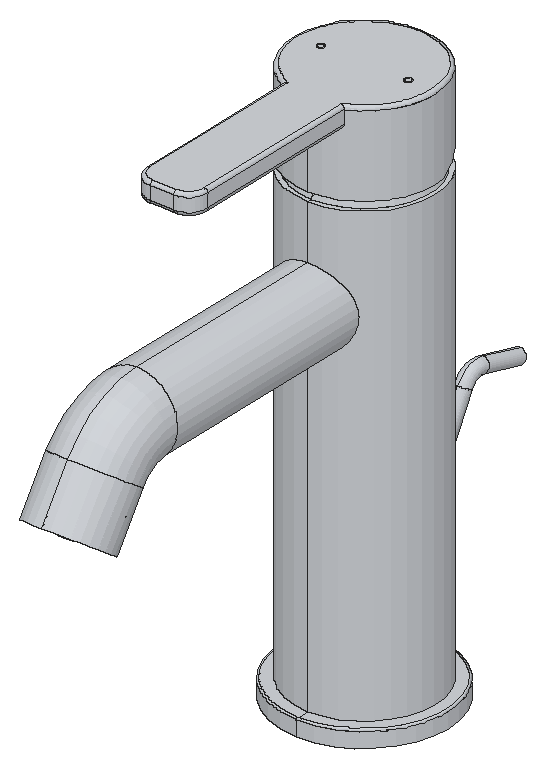
Revit family "Faucet-Lavatory-KOHLER-Atom-K-28825T", category Plumbing Fixtures, host Face, Revit 2021
Family settings
  Host = Face
  Round Connector Dimension = Use Diameter
  Part Type = Normal
  OmniClass Number = 23.31.11.00
  OmniClass Title = Faucets
  Cut with Voids When Loaded = No
  Shared = No
  Room Calculation Point = No
Parameters (values of type "CP-Polished Chrome")
  Width = 1.9685"  # constant formula
  WaterSense Certified = 1 = 0  # no
  Waste Water Outlet = "Waste Water Outlet"  # constant formula
  Waste Connection = 1 = 0  # no
  Vent Connection = 1 = 0  # no
  URL = "http://www.kohler.com.cn/"
  Type = 1
  Spout Reach = Length  # 4.33071"
  Product Page URL = ""
  Product Name = "Atom"  # constant formula
  Product Documentation Link = ""
  Pressure = 0.00 psi
  Model = "K-28825T-4-CP"  # constant formula
  Material = "Premium Metal Construction"  # constant formula
  Master Format 2014 Name = "Residential Faucets, Supplies, and Trim"  # constant formula
  Master Format 2014 = "22 41 39"  # constant formula
  Manufacturer Address = "Kohler Beijing Office (100016) 36-2-03-B, No. 88, Liuxiang Road, Beijing"  # constant formula
  Manufacturer = "Kohler Co."  # constant formula
  Length = 4.33071"  # constant formula
  Hot Water Inlet = "Hot Water Inlet"  # constant formula
  Height = 6.62992"  # constant formula
  Handle Clearance = 2.95276"  # constant formula
  HW Connection = 1 = 1  # yes
  Flow Rate = 2.2 GPM  # constant formula
  Finish = Kohler-Metal-CP-Polished_Chrome
  Environmental Product Declaration = ""
  Drain Included = 1 = 0  # no
  Description = "Single Control Lavatory Faucet With Lever Handle"  # constant formula
  Default Elevation = 36"
  Declare Label = ""
  Date Modified = "12/28/2023"  # constant formula
  Date Created = "12/28/2023"  # constant formula
  Copyright = "Copyright Kohler Co."  # constant formula
  Contact Us = "http://www.kohler.com.cn/contact/contact-us/"
  Cold Water Inlet = "Cold Water Inlet"  # constant formula
  CW Connection = 1 = 1  # yes
  Assembly Code = "D2010"
  ADA Compliant = 1 = 0  # no
Reference planes (in)
  plane 1 "Center (Front/Back)": y = 0
  plane 2: z = 0
  plane 3 "Center (Left/Right)": x = 0
  plane 4: y = 0.98425
  plane 5: x = -0.98425
  plane 6: x = 0.98425
  plane 7: y = -0.98425
  plane 8: y = -2.95276
  plane 9: y = -4.71654
  plane 10: z = 3.55512
  plane 11: z = 6.62992
  plane 12: y = -4.33071
  plane 13: through (0, -2.1777, 6.62994) normal (0, -0.8192, 0.5736)
  plane 14: x = -0.51181
  plane 15: x = 0.51181
  plane 16: x = -0.7874
  plane 17: y = 0.82677
  plane 18: x = 0.7874
  plane 19: y = -0.7874
  plane 20: y = 2.2714
  plane 21: z = 2.79912
  plane 22: through (0, 0.74802, 0) normal (0, 0.5736, 0.8192)
Dimensions and locks (in)
  plane 9 to plane 1 "Center (Front/Back)" = 4.71654"
  plane 14 to plane 15 = 1.02362"
  plane 1 "Center (Front/Back)" to plane 17 = 0.82677"
  plane 16 to plane 14 = 0.27559"
  "Height": plane 11 to level
  "Handle Clearance": plane 1 "Center (Front/Back)" to plane 8
  plane 4 to plane 9 = 5.70079"
  level to plane 10 = 3.55512"
  plane 4 to plane 7 = 1.9685"
  "Length": plane 1 "Center (Front/Back)" to plane 12
  "Width": plane 5 to plane 6
  plane 20 to nested 1 = 2.2714"
  plane 21 to level = 2.79912"
  aligned and locked: plane 2 to host face
  aligned and locked: level to host face
  aligned and locked: plane 1 "Center (Front/Back)" to nested 1
  aligned and locked: plane 3 "Center (Left/Right)" to nested 1
Automatic sketch dimensions
  host sketch curve to host sketch curve = 96"  (x2)
Nested families (in)
  nested 1: "K-28825T" at (0, 0, 0), type "K-28825T"
Connectors (in)
  piping at (-0.51181, 0, 0), diameter 0.5, driven by "Flow Rate", driven by "HW Connection", driven by "Hot Water Inlet"
    settings: on nested 1, index 1, connector inside diameter 24", connector length 0", flow factor 0, pipe flow 2.2 GPM, pressure drop 0.00 psi, fitting loss kfactor 0, connector angle 0.00°, fixture units 0, engagement length 0", angle of deflection 0.00°, flow configuration 1, flow direction 1, fitting loss method 0, system type 19, joint type 0, gender type 0, connector reference index -1, connector utility 1, adjustable connector no, is connector primary yes, connector description "Hot Water Inlet"
  piping at (0.51181, 0, 0), diameter 0.5, driven by "Flow Rate", driven by "CW Connection", driven by "Cold Water Inlet"
    settings: on nested 1, index 2, connector inside diameter 24", connector length 0", flow factor 0, pipe flow 2.2 GPM, pressure drop 0.00 psi, fitting loss kfactor 0, connector angle 0.00°, fixture units 0, engagement length 0", angle of deflection 0.00°, flow configuration 1, flow direction 1, fitting loss method 0, system type 20, joint type 0, gender type 0, connector reference index -1, connector utility 1, adjustable connector no, is connector primary no, connector description "Cold Water Inlet"
Definition of nested family "K-28825T"
  Parameters
    Material = none
    Default Elevation = 0"
  Reference planes (in)
    plane 1 "Center (Front/Back)": y = 0
    plane 2: z = 0
    plane 3 "Center (Left/Right)": x = 0
    plane 4: y = 0.98425
    plane 5: y = -0.98425
    plane 6: z = 6.62992
    plane 7: y = -4.33071
    plane 8: y = -4.71654
    plane 9: x = -0.98425
    plane 10: x = 0.98425
    plane 11: y = -2.95276
    plane 12: z = 3.55512
    plane 13: through (0, -4.33071, 3.55512) normal (0, 0.8192, -0.5736)
    plane 14: x = 0.51181
    plane 15: x = -0.51181
    plane 16: x = -0.7874
    plane 17: x = 0.7874
    plane 18: y = -0.7874
    plane 19: y = 0.7874
    plane 20: y = 2.2714
    plane 21: z = 2.79912
    plane 22: through (0, -4.71654, 3.82632) normal (0, -0.5736, -0.8192)
  Forms (in)
    Revolve 1, solid, material <- "Material", detail levels medium+fine
      sketch origin (0, 0, 0) x (0, 1, 0) y (0, 0, 1)
        loop
          line (0, 0) -> (0.98425, 0) -> (0.98425, 0.17717)
          arc (0.98425, 0.17717) -> (0.97849, 0.19108) -> (0.96457, 0.19685) r 0.01969
          line (0.96457, 0.19685) -> (0.82687, 0.19685) -> (0.82687, 5.53916) -> (0.77186, 5.53916)
          arc (0.77186, 5.53916) -> (0.70542, 5.7435) -> (0.58407, 5.92082) r 0.75436
          line (0.58407, 5.92082) -> (0, 5.92082) -> (0, 0)
        axis (0, 0) -> (0, 5.92082)
      angle from 0 to 360
    Sweep 2, solid, material <- "Material", detail levels medium+fine
      path origin (0, 0, 0) x (1, 0, 0) y (0, 1, 0)
        loop
          line (-0.35433, -0.46431) -> (-0.35433, -2.73621)
          arc (-0.35433, -2.73621) -> (-0.29091, -2.88932) -> (-0.1378, -2.95275) r 0.21654
          line (-0.1378, -2.95275) -> (0.13774, -2.95275)
          arc (0.13774, -2.95275) -> (0.29086, -2.88932) -> (0.35428, -2.73621) r 0.21654
          line (0.35428, -2.73621) -> (0.35428, -0.46436)
      profile origin (-0.00003, -2.95275, 0) x (0, 1, 0) y (0, 0, 1)
        loop
          arc (0, 6.43276) -> (0.01153, 6.40492) -> (0.03937, 6.39339) r 0.03937
          line (0.03937, 6.39339) -> (0.07154, 6.39339) -> (0.07154, 6.62994) -> (0.03937, 6.62994)
          arc (0.03937, 6.62994) -> (0.01153, 6.61841) -> (0, 6.59057) r 0.03937
          line (0, 6.59057) -> (0, 6.43276)
    Revolve 3, solid, material <- "Material", detail levels medium+fine
      sketch origin (0, 0, 0) x (0, 1, 0) y (0, 0, 1)
        loop
          line (0, 5.64536) -> (0, 6.62994) -> (-0.7874, 6.62994)
          arc (-0.7874, 6.62994) -> (-0.81524, 6.61841) -> (-0.82677, 6.59057) r 0.03937
          line (-0.82677, 6.59057) -> (-0.82677, 5.64536) -> (0, 5.64536)
        axis (0, 6.62994) -> (0, 5.64536)
      angle from 0 to 360
    Extrusion 4, void
      sketch origin (0, 0, 0) x (0, 1, 0) y (0, 0, 1)
        loop
          line (0.98812, 5.96475) -> (-0.00947, 5.59583) -> (0.98812, 5.59583) -> (0.98812, 5.96475)
      from -1.0149 to 1.00536
    Extrusion 5, solid, material <- "Material", detail levels medium+fine
      sketch origin (0, 0, 0) x (1, 0, 0) y (0, 1, 0)
        loop
          line (0.28274, -0.46436) -> (-0.2828, -0.46436) -> (-0.2828, -2.73621)
          arc (-0.2828, -2.73621) -> (-0.24033, -2.83874) -> (-0.1378, -2.88121) r 0.145
          line (-0.1378, -2.88121) -> (0.13774, -2.88121)
          arc (0.13774, -2.88121) -> (0.24027, -2.83874) -> (0.28274, -2.73621) r 0.145
          line (0.28274, -2.73621) -> (0.28274, -0.46436)
      from 6.39339 to 6.62994
    Extrusion 6, void
      sketch origin (0, 0, 0) x (1, 0, 0) y (0, 0, 1)
        loop
          circle (0, 6.26388) r 0.14173
      from -0.98812 to -0.64136
    Extrusion 7, solid, detail levels medium+fine
      sketch origin (0, 0, 0) x (1, 0, 0) y (0, 0, 1)
        loop
          circle (0, 6.26388) r 0.1378
      from -0.82703 to -0.64136
    Revolve 8, solid, material <- "Material", detail levels coarse
      sketch origin (0, 0, 0) x (0, 1, 0) y (0, 0, 1)
        loop
          line (0, 0) -> (0.98425, 0) -> (0.98425, 0.19685) -> (0.82687, 0.19685) -> (0.82687, 5.53916) -> (0.58407, 5.92082) -> (0, 5.92082) -> (0, 0)
        axis (0, 0) -> (0, 5.92082)
      angle from 0 to 360
    Revolve 9, solid, material <- "Material", detail levels coarse
      sketch origin (0, 0, 0) x (0, 1, 0) y (0, 0, 1)
        loop
          line (0, 5.64536) -> (0, 6.62994) -> (-0.7874, 6.62994)
          arc (-0.7874, 6.62994) -> (-0.81524, 6.61841) -> (-0.82677, 6.59057) r 0.03937
          line (-0.82677, 6.59057) -> (-0.82677, 5.64536) -> (0, 5.64536)
        axis (0, 6.62994) -> (0, 5.64536)
      angle from 0 to 360
    Extrusion 10, solid, material <- "Material", detail levels coarse
      sketch origin (0, 0, 0) x (1, 0, 0) y (0, 1, 0)
        loop
          line (-0.35433, -0.46436) -> (-0.35433, -2.73621)
          arc (-0.35433, -2.73621) -> (-0.29091, -2.88932) -> (-0.1378, -2.95275) r 0.21654
          line (-0.1378, -2.95275) -> (0.13774, -2.95275)
          arc (0.13774, -2.95275) -> (0.29086, -2.88932) -> (0.35428, -2.73621) r 0.21654
          line (0.35428, -2.73621) -> (0.35428, -0.46436) -> (-0.35433, -0.46436)
      from 6.39339 to 6.62994
    Sweep 11, solid, material <- "Material", detail levels medium+fine
      path origin (0, 0, 0) x (0, 1, 0) y (0, 0, 1)
        loop
          line (-4.33139, 3.55415) -> (-3.94567, 4.10503)
          arc (-3.94567, 4.10503) -> (-3.67372, 4.34352) -> (-3.32238, 4.42949) r 0.7609
          line (-3.32238, 4.42949) -> (-0.18232, 4.42949)
      profile origin (0, -1.75235, 4.42949) x (0, 0, 1) y (1, 0, 0)
        loop
          circle (0, 0) r 0.47244
    Sweep 12, void
      path origin (0, 0, 0) x (0, 1, 0) y (0, 0, 1)
        loop
          line (-4.3973, 3.46003) -> (-4.11658, 3.86094)
      profile origin (0, -4.25694, 3.66048) x (0, -0.819152, 0.573576) y (1, 0, 0)
        loop
          circle (0, 0) r 0.43307
    Revolve 13, solid, detail levels medium+fine
      sketch origin (0, 0, 0) x (0, 1, 0) y (0, 0, 1)
        loop
          line (-4.338, 3.54472) -> (-4.11658, 3.86094) -> (-4.47133, 4.10934) -> (-4.58424, 3.94809) -> (-4.47639, 3.87257) -> (-4.54101, 3.75262) -> (-4.50996, 3.73088)
          arc (-4.50996, 3.73088) -> (-4.43501, 3.62761) -> (-4.338, 3.54472) r 0.54215
        axis (-4.11658, 3.86094) -> (-4.338, 3.54472)
      angle from 0 to 360
    Extrusion 14, void
      sketch origin (0, 0, 0) x (0, 1, 0) y (0, 0, 1)
        loop
          line (-4.41231, 3.52874) -> (-4.32874, 3.47023) -> (-4.20965, 3.64032) -> (-4.29321, 3.69883) -> (-4.41231, 3.52874)
      from -0.34375 to 0.31622
    Sweep 15, solid, material <- "Material", detail levels coarse
      path origin (0, 0, 0) x (0, 1, 0) y (0, 0, 1)
        loop
          line (-4.33139, 3.55415) -> (-3.94567, 4.10503)
          arc (-3.94567, 4.10503) -> (-3.67372, 4.34352) -> (-3.32238, 4.42949) r 0.7609
          line (-3.32238, 4.42949) -> (-0.18232, 4.42949)
      profile origin (0, -1.75235, 4.42949) x (0, 0, 1) y (1, 0, 0)
        loop
          circle (0, 0) r 0.47244
    Extrusion 16, void
      sketch origin (0, 0, 0) x (1, 0, 0) y (0, 1, 0)
        loop
          circle (-0.51181, 0) r 0.03937
      from 6.53296 to 6.66894
    Extrusion 17, void
      sketch origin (0, 0, 0) x (-1, 0, 0) y (0, -1, 0)
        loop
          circle (-0.51181, 0) r 0.03937
      from 6.53296 to 6.66894
    Extrusion 18, solid
      sketch origin (0, 0, 0) x (1, 0, 0) y (0, 1, 0)
        loop
          circle (-0.51181, 0) r 0.03937
      from 6.53296 to 6.62994
    Extrusion 19, solid
      sketch origin (0, 0, 0) x (-1, 0, 0) y (0, -1, 0)
        loop
          circle (-0.51181, 0) r 0.03937
      from 6.53296 to 6.62994
    Extrusion 20, solid, material <- "Material"
      sketch origin (0, 0, 0) x (1, 0, 0) y (0, 1, 0)
        loop
          circle (-0.51181, 0) r 0.11811
      from 0 to 0.19685
    Extrusion 21, solid, material <- "Material"
      sketch origin (0, 0, 0) x (1, 0, 0) y (0, 1, 0)
        loop
          circle (0.51181, 0) r 0.11811
      from 0 to 0.19685
    Sweep 22, solid, material <- "Material"
      path origin (0, 0, 0) x (0, 1, 0) y (0, 0, 1)
        loop
          line (2.25263, 2.56967) -> (1.71186, 2.71457)
          arc (1.71186, 2.71457) -> (1.55842, 2.70384) -> (1.44411, 2.60092) r 0.23622
          line (1.44411, 2.60092) -> (0.63769, 1.1461)
      profile origin (0, 2.25263, 2.56967) x (0, -0.258819, -0.965926) y (1, 0, 0)
        loop
          circle (0, 0) r 0.0845
    Revolve 23, void
      sketch origin (0, 0, 0) x (0, 1, 0) y (0, 0, 1)
        loop
          line (0.62811, 1.15163) -> (1.12023, 2.00402) -> (1.02221, 2.06061) -> (0.53009, 1.20822) -> (0.62811, 1.15163)
        axis (1.12023, 2.00402) -> (0.62811, 1.15163)
      angle from 0 to 360
  Cuts and joins
    Extrusion 4, Extrusion 6, Extrusion 16, Extrusion 17 cuts Revolve 3
    joined: Sweep 2, Revolve 3, Extrusion 5
    Sweep 12 cuts Sweep 11
    Extrusion 14 cuts Revolve 13
    Extrusion 16, Extrusion 17 cuts Revolve 9
    joined: Revolve 9, Extrusion 10
    Revolve 23 cuts Revolve 8
    Revolve 23 cuts Revolve 1
  Lines and regions (in)
    Masking region 1
      outline origin (0, 0, 0) x (1, 0, 0) y (0, 1, 0)
        loop
          arc (-0.98425, 0) -> (-0.8471, -0.50179) -> (-0.47244, -0.86269) r 0.97995
          line (-0.47244, -0.86269) -> (-0.47244, -4.33066)
          arc (-0.47244, -4.33066) -> (-0.45728, -4.43034) -> (-0.41315, -4.52101) r 0.33515
          arc (-0.41315, -4.52101) -> (-0.33562, -4.60507) -> (-0.23776, -4.66424) r 0.40693
          arc (-0.23776, -4.66424) -> (-0.12133, -4.7015) -> (0, -4.71654) r 0.65683
          arc (0, -4.71654) -> (0.12133, -4.7015) -> (0.23776, -4.66424) r 0.65683
          arc (0.23776, -4.66424) -> (0.33562, -4.60507) -> (0.41315, -4.52101) r 0.40693
          arc (0.41315, -4.52101) -> (0.45728, -4.43034) -> (0.47244, -4.33066) r 0.33515
          line (0.47244, -4.33066) -> (0.47244, -0.86269)
          arc (0.47244, -0.86269) -> (0.8471, -0.50179) -> (0.98425, 0) r 0.97995
          arc (0.98425, 0) -> (0.72525, 0.66541) -> (0.08454, 0.98061) r 0.98425
          line (0.08454, 0.98061) -> (0.08454, 2.24737)
          spline (0.08454, 2.24737) -> (0.08415, 2.24962) -> (0.08296, 2.25185) -> (0.08099, 2.25404) -> (0.07826, 2.25616) -> (0.0748, 2.25821) -> (0.07064, 2.26015) -> (0.06581, 2.26197) -> (0.06036, 2.26365) -> (0.05435, 2.26518) -> (0.04783, 2.26654) -> (0.04086, 2.26772) -> (0.0335, 2.26871)
          arc (0.0335, 2.26871) -> (0.01678, 2.27037) -> (0, 2.2714) r 0.44329
          arc (0, 2.2714) -> (-0.01699, 2.27035) -> (-0.03392, 2.26863) r 0.4323
          spline (-0.03392, 2.26863) -> (-0.04118, 2.26763) -> (-0.04806, 2.26644) -> (-0.0545, 2.26507) -> (-0.06043, 2.26355) -> (-0.06579, 2.26187) -> (-0.07055, 2.26006) -> (-0.07465, 2.25813) -> (-0.07806, 2.2561) -> (-0.08075, 2.25399) -> (-0.08268, 2.25182) -> (-0.08385, 2.2496) -> (-0.08424, 2.24737)
          line (-0.08424, 2.24737) -> (-0.08424, 0.98064)
          arc (-0.08424, 0.98064) -> (-0.72514, 0.66552) -> (-0.98425, 0) r 0.98425
    Masking region 2
      outline origin (0, 0, 0) x (1, 0, 0) y (0, 0, 1)
        loop
          line (-0.7874, 6.59055) -> (-0.7874, 5.6457) -> (-0.7314, 5.6457)
          arc (-0.7314, 5.6457) -> (-0.74734, 5.59322) -> (-0.75653, 5.53914) r 0.43336
          line (-0.75653, 5.53914) -> (-0.7874, 5.53914) -> (-0.7874, 0.19688) -> (-0.96457, 0.19688)
          arc (-0.96457, 0.19688) -> (-0.97849, 0.19111) -> (-0.98425, 0.17719) r 0.01969
          line (-0.98425, 0.17719) -> (-0.98425, 0) -> (0, 0) -> (0.98425, 0) -> (0.98425, 0.17719)
          arc (0.98425, 0.17719) -> (0.97849, 0.19111) -> (0.96457, 0.19688) r 0.01969
          line (0.96457, 0.19688) -> (0.7874, 0.19688) -> (0.7874, 5.53914) -> (0.75653, 5.53914)
          arc (0.75653, 5.53914) -> (0.74734, 5.59322) -> (0.7314, 5.6457) r 0.43336
          line (0.7314, 5.6457) -> (0.7874, 5.6457) -> (0.7874, 6.59055)
          arc (0.7874, 6.59055) -> (0.77587, 6.61839) -> (0.74803, 6.62992) r 0.03937
          line (0.74803, 6.62992) -> (0, 6.62992) -> (-0.74803, 6.62992)
          arc (-0.74803, 6.62992) -> (-0.77587, 6.61839) -> (-0.7874, 6.59055) r 0.03937
    Masking region 3
      outline origin (0, 0, 0) x (0, 1, 0) y (0, 0, 1)
        loop
          arc (0.7874, 6.59055) -> (0.77587, 6.61839) -> (0.74803, 6.62992) r 0.03937
          line (0.74803, 6.62992) -> (-2.91339, 6.62992)
          arc (-2.91339, 6.62992) -> (-2.94122, 6.61839) -> (-2.95276, 6.59055) r 0.03937
          line (-2.95276, 6.59055) -> (-2.95276, 6.43321)
          arc (-2.95276, 6.43321) -> (-2.94122, 6.40537) -> (-2.91339, 6.39384) r 0.03937
          line (-2.91339, 6.39384) -> (-0.86614, 6.39384)
          arc (-0.86614, 6.39384) -> (-0.81046, 6.37078) -> (-0.7874, 6.3151) r 0.07874
          line (-0.7874, 6.3151) -> (-0.7874, 5.64542) -> (-0.7299, 5.64542)
          arc (-0.7299, 5.64542) -> (-0.74428, 5.59249) -> (-0.75655, 5.53903) r 1.38621
          line (-0.75655, 5.53903) -> (-0.7874, 5.53903) -> (-0.7874, 4.94864)
          arc (-0.7874, 4.94864) -> (-0.79893, 4.92081) -> (-0.82677, 4.90927) r 0.03937
          line (-0.82677, 4.90927) -> (-3.20361, 4.90927)
          arc (-3.20361, 4.90927) -> (-3.87298, 4.74548) -> (-4.39108, 4.29112) r 1.44963
          line (-4.39108, 4.29112) -> (-4.71654, 3.82632) -> (-3.94334, 3.28492) -> (-3.60574, 3.76706)
          arc (-3.60574, 3.76706) -> (-3.43995, 3.91246) -> (-3.22575, 3.96487) r 0.46388
          line (-3.22575, 3.96487) -> (-0.82677, 3.96487)
          arc (-0.82677, 3.96487) -> (-0.79893, 3.95334) -> (-0.7874, 3.9255) r 0.03937
          line (-0.7874, 3.9255) -> (-0.7874, 0.19685) -> (-0.96457, 0.19685)
          arc (-0.96457, 0.19685) -> (-0.97849, 0.19108) -> (-0.98425, 0.17717) r 0.01969
          line (-0.98425, 0.17717) -> (-0.98425, 0) -> (0, 0) -> (0.98425, 0) -> (0.98425, 0.17717)
          arc (0.98425, 0.17717) -> (0.97849, 0.19108) -> (0.96457, 0.19685) r 0.01969
          line (0.96457, 0.19685) -> (0.7874, 0.19685) -> (0.7874, 1.25207) -> (1.49601, 2.53043)
          arc (1.49601, 2.53043) -> (1.59126, 2.6162) -> (1.71912, 2.62514) r 0.19685
          line (1.71912, 2.62514) -> (2.19892, 2.49658) -> (2.23387, 2.49964) -> (2.2714, 2.6397) -> (2.24266, 2.65982) -> (1.76782, 2.78705)
          arc (1.76782, 2.78705) -> (1.54052, 2.77215) -> (1.36926, 2.62196) r 0.35433
          line (1.36926, 2.62196) -> (0.7874, 1.61415) -> (0.7874, 5.53917) -> (0.75665, 5.53917)
          arc (0.75665, 5.53917) -> (0.71167, 5.69256) -> (0.63735, 5.83408) r 0.80761
          line (0.63735, 5.83408) -> (0.7874, 5.88869) -> (0.7874, 6.59055)
    symbolic lines, detail levels medium+fine
      curve 1: arc (0, 0.82626, 0) -> (-0.03711, 0.82539, 0) -> (-0.07414, 0.82285, 0) r 0.82668
      curve 2: line (-0.47244, -0.86269, 0) -> (-0.47244, -0.70151, 0)
      curve 3: arc (-0.49089, -0.6649, 0) -> (-0.47732, -0.68101, 0) -> (-0.47244, -0.70151, 0) r 0.04554
      curve 4: arc (-0.47244, -0.83704, 0) -> (-0.93205, 0.24725, 0) -> (0, 0.96712, 0) r 0.96409
      curve 5: line (-0.07414, 0.82285, 0) -> (-0.12447, 0.82285, 0)
      curve 6: arc (-0.12447, 0.82285, 0) -> (-0.13974, 0.82, 0) -> (-0.15294, 0.81182, 0) r 0.04225
      curve 7: line (-0.35437, -0.79504, 0) -> (-0.35437, -2.73622, 0)
      curve 8: line (-0.13783, -2.95276, 0) -> (0, -2.95276, 0)
      curve 9: arc (-0.35437, -2.73622, 0) -> (-0.29095, -2.88933, 0) -> (-0.13783, -2.95276, 0) r 0.21654
      curve 10: arc (-0.39536, -0.72593, 0) -> (-0.36539, -0.75486, 0) -> (-0.35437, -0.79504, 0) r 0.07874
      curve 11: arc (0, 0.78781, 0) -> (-0.76253, 0.19411, 0) -> (-0.37663, -0.6919, 0) r 0.7881
      curve 12: line (-0.31515, -0.79555, 0) -> (-0.31515, -2.736, 0)
      curve 13: line (-0.13799, -2.91317, 0) -> (0, -2.91317, 0)
      curve 14: arc (-0.31515, -2.736, 0) -> (-0.26326, -2.86128, 0) -> (-0.13799, -2.91317, 0) r 0.17717
      curve 15: arc (-0.37663, -0.6919, 0) -> (-0.33168, -0.7353, 0) -> (-0.31515, -0.79555, 0) r 0.11811
      curve 16: circle (-0.51181, 0, 0) r 0.03937 normal (0, 0, 1)
      curve 17: line (-0.47244, -3.21903, 0) -> (0, -3.21903, 0)
      curve 18: arc (0, -4.37926, 0) -> (-0.22601, -4.33153, 0) -> (-0.40785, -4.18908, 0) r 0.51056
      curve 19: arc (-0.40785, -4.18908, 0) -> (-0.45116, -4.11627, 0) -> (-0.47244, -4.03426, 0) r 0.30058
      curve 20: arc (0, 0.82626, 0) -> (0.03711, 0.82539, 0) -> (0.07414, 0.82285, 0) r 0.82668
      curve 21: line (0.47244, -0.86269, 0) -> (0.47244, -0.70151, 0)
      curve 22: arc (0.49089, -0.6649, 0) -> (0.47732, -0.68101, 0) -> (0.47244, -0.70151, 0) r 0.04554
      curve 23: arc (0.47244, -0.83704, 0) -> (0.93205, 0.24725, 0) -> (0, 0.96712, 0) r 0.96409
      curve 24: line (0.07414, 0.82285, 0) -> (0.12447, 0.82285, 0)
      curve 25: arc (0.12447, 0.82285, 0) -> (0.13974, 0.82, 0) -> (0.15294, 0.81182, 0) r 0.04225
      curve 26: line (0.35437, -0.79504, 0) -> (0.35437, -2.73622, 0)
      curve 27: line (0.13783, -2.95276, 0) -> (0, -2.95276, 0)
      curve 28: arc (0.35437, -2.73622, 0) -> (0.29095, -2.88933, 0) -> (0.13783, -2.95276, 0) r 0.21654
      curve 29: arc (0.39536, -0.72593, 0) -> (0.36539, -0.75486, 0) -> (0.35437, -0.79504, 0) r 0.07874
      curve 30: arc (0, 0.78781, 0) -> (0.76253, 0.19411, 0) -> (0.37663, -0.6919, 0) r 0.7881
      curve 31: line (0.31515, -0.79555, 0) -> (0.31515, -2.736, 0)
      curve 32: line (0.13799, -2.91317, 0) -> (0, -2.91317, 0)
      curve 33: arc (0.31515, -2.736, 0) -> (0.26326, -2.86128, 0) -> (0.13799, -2.91317, 0) r 0.17717
      curve 34: arc (0.37663, -0.6919, 0) -> (0.33168, -0.7353, 0) -> (0.31515, -0.79555, 0) r 0.11811
      curve 35: circle (0.51181, 0, 0) r 0.03937 normal (0, 0, -1)
      curve 36: line (0.47244, -3.21903, 0) -> (0, -3.21903, 0)
      curve 37: arc (0, -4.37926, 0) -> (0.22601, -4.33153, 0) -> (0.40785, -4.18908, 0) r 0.51056
      curve 38: arc (0.40785, -4.18908, 0) -> (0.45116, -4.11627, 0) -> (0.47244, -4.03426, 0) r 0.30058
      curve 39: line (-0.98425, 0, 0.17719) -> (0, 0, 0.17719)
      curve 40: line (-0.7874, 0, 0.19688) -> (0, 0, 0.19688)
      curve 41: line (-0.75653, 0, 5.53914) -> (0, 0, 5.53914)
      curve 42: line (-0.745, 0, 5.6457) -> (0, 0, 5.6457)
      curve 43: line (-0.7874, 0, 6.59055) -> (0, 0, 6.59055)
      curve 44: arc (-0.35439, 0, 6.59055) -> (-0.34286, 0, 6.61839) -> (-0.31502, 0, 6.62992) r 0.03937
      curve 45: line (-0.35439, 0, 6.59055) -> (-0.35439, 0, 6.43307)
      curve 46: line (0, 0, 6.3937) -> (-0.31502, 0, 6.3937)
      curve 47: arc (-0.35439, 0, 6.43307) -> (-0.34286, 0, 6.40523) -> (-0.31502, 0, 6.3937) r 0.03937
      curve 48: line (-0.35439, 0, 6.43307) -> (0, 0, 6.43307)
      curve 49: line (-0.13955, 0, 6.62992) -> (-0.13955, 0, 6.3937)
      curve 50: line (0.98425, 0, 0.17719) -> (0, 0, 0.17719)
      curve 51: line (0.7874, 0, 0.19688) -> (0, 0, 0.19688)
      curve 52: line (0.75653, 0, 5.53914) -> (0, 0, 5.53914)
      curve 53: line (0.745, 0, 5.6457) -> (0, 0, 5.6457)
      curve 54: line (0.7874, 0, 6.59055) -> (0, 0, 6.59055)
      curve 55: arc (0.35439, 0, 6.59055) -> (0.34286, 0, 6.61839) -> (0.31502, 0, 6.62992) r 0.03937
      curve 56: line (0.35439, 0, 6.59055) -> (0.35439, 0, 6.43307)
      curve 57: line (0, 0, 6.3937) -> (0.31502, 0, 6.3937)
      curve 58: arc (0.35439, 0, 6.43307) -> (0.34286, 0, 6.40523) -> (0.31502, 0, 6.3937) r 0.03937
      curve 59: line (0.35439, 0, 6.43307) -> (0, 0, 6.43307)
      curve 60: line (0.13955, 0, 6.62992) -> (0.13955, 0, 6.3937)
      curve 61: arc (0, 0.7874, 6.39556) -> (0, 0.77308, 6.26488) -> (0, 0.7874, 6.13421) r 0.60334
      curve 62: line (0, 0.11901, 5.64542) -> (0, -0.7299, 5.64542)
      curve 63: line (0, 0.7874, 0.19685) -> (0, 0, 0.19685)
      curve 64: line (0, 0.98425, 0.17717) -> (0, 0, 0.17717)
      curve 65: line (0, -0.7874, 0.19685) -> (0, 0, 0.19685)
      curve 66: line (0, -0.98425, 0.17717) -> (0, 0, 0.17717)
      curve 67: arc (0, -0.7874, 4.94864) -> (0, -0.60509, 4.43706) -> (0, -0.78745, 3.9255) r 0.80882
      curve 68: arc (0, -0.82677, 4.90927) -> (0, -0.66485, 4.43706) -> (0, -0.82682, 3.96487) r 0.76941
      curve 69: line (0, 0.75665, 5.53917) -> (0, -0.75655, 5.53903)
      curve 70: line (0, 0.7874, 6.59055) -> (0, -2.95287, 6.59055)
      curve 71: line (0, -2.95287, 6.43321) -> (0, -0.72325, 6.43321)
      curve 72: arc (0, -0.69569, 6.62992) -> (0, -0.71581, 6.61468) -> (0, -0.72325, 6.59055) r 0.04115
      curve 73: line (0, -0.72325, 6.59055) -> (0, -0.72325, 6.43321)
      curve 74: arc (0, -0.72325, 6.43321) -> (0, -0.72861, 6.38593) -> (0, -0.74442, 6.34106) r 0.21119
      curve 75: line (0, -0.79522, 6.59055) -> (0, -0.79522, 6.43986)
      curve 76: line (0, -0.79522, 6.59055) -> (0, -0.79522, 6.62992)
      curve 77: line (0, -2.73332, 6.62992) -> (0, -2.73332, 6.39384)
      curve 78: line (0, -4.39108, 4.29112) -> (0, -3.61788, 3.74972)
      curve 79: line (0, -3.20361, 4.90927) -> (0, -3.20361, 3.96487)
      curve 80: line (0, 0.64943, 5.83848) -> (0, 0.11901, 5.64542)
      curve 81: arc (-0.07414, 0.82285, 0) -> (-0.11367, 0.81829, 0) -> (-0.15294, 0.81182, 0) r 0.82668
      curve 82: arc (0.07414, 0.82285, 0) -> (0.11367, 0.81829, 0) -> (0.15294, 0.81182, 0) r 0.82668
      curve 83: arc (0.15294, 0.81182, 0) -> (0.8157, 0.12832, 0) -> (0.39536, -0.72593, 0) r 0.82668
      curve 84: arc (-0.15294, 0.81182, 0) -> (-0.8157, 0.12832, 0) -> (-0.39536, -0.72593, 0) r 0.82668
      curve 85: arc (0, 0.7874, 1.61415) -> (0, 0.77606, 1.43311) -> (0, 0.7874, 1.25207) r 1.45041
      curve 86: line (0, 2.24266, 2.65982) -> (0, 2.19892, 2.49658)
      curve 87: arc (-0.08424, 0.98064, 0) -> (0.00015, 0.98425, 0) -> (0.08454, 0.98061, 0) r 0.98425
      curve 88: arc (-0.08424, 2.23988, 0) -> (0.00053, 2.26291, 0) -> (0.0853, 2.23988, 0) r 0.16751
      curve 89: arc (-0.00017, 0, 4.90656) -> (-0.33986, 0, 4.75319) -> (-0.47161, 0, 4.40455) r 0.48697
      curve 90: line (-0.47161, 0, 4.40455) -> (-0.47161, 0, 3.554)
      curve 91: arc (-0.47161, 0, 3.554) -> (-0.45928, 0, 3.49077) -> (-0.4241, 0, 3.43681) r 0.16829
      curve 92: arc (-0.4241, 0, 3.43681) -> (-0.31928, 0, 3.35589) -> (-0.19589, 0, 3.30786) r 0.46424
      curve 93: arc (-0.19589, 0, 3.30786) -> (-0.09867, 0, 3.29102) -> (-0.00017, 0, 3.28525) r 0.87324
      curve 94: arc (-0.47161, 0, 3.554) -> (-0.45928, 0, 3.61723) -> (-0.4241, 0, 3.67119) r 0.16829
      curve 95: arc (-0.4241, 0, 3.67119) -> (-0.31928, 0, 3.7521) -> (-0.19589, 0, 3.80013) r 0.46424
      curve 96: arc (-0.19589, 0, 3.80013) -> (-0.09867, 0, 3.81698) -> (-0.00017, 0, 3.82275) r 0.87324
      curve 97: spline (-0.00017, 0, 3.8032) -> (-0.02699, 0, 3.80272) -> (-0.0537, 0, 3.80128) -> (-0.08021, 0, 3.7989) -> (-0.10641, 0, 3.79557) -> (-0.1322, 0, 3.79131) -> (-0.15748, 0, 3.78613) -> (-0.18215, 0, 3.78006) -> (-0.20612, 0, 3.77313) -> (-0.22929, 0, 3.76535) -> (-0.25158, 0, 3.75676) -> (-0.2729, 0, 3.74738) -> (-0.29316, 0, 3.73727)
      curve 98: spline (-0.00018, 0, 3.76378) -> (-0.00616, 0, 3.76374) -> (-0.01213, 0, 3.76363) -> (-0.01811, 0, 3.76344) -> (-0.02407, 0, 3.76318) -> (-0.03002, 0, 3.76284) -> (-0.03596, 0, 3.76243) -> (-0.04189, 0, 3.76194) -> (-0.04779, 0, 3.76138) -> (-0.05367, 0, 3.76075) -> (-0.05953, 0, 3.76004) -> (-0.06537, 0, 3.75926) -> (-0.07117, 0, 3.75841)
      curve 99: line (0.00085, 0, 3.6198) -> (-0.28096, 0, 3.6198)
      curve 100: spline (-0.28096, 0, 3.6198) -> (-0.28145, 0, 3.61775) -> (-0.28188, 0, 3.61571) -> (-0.28228, 0, 3.61366) -> (-0.28264, 0, 3.61161) -> (-0.28295, 0, 3.60955) -> (-0.28322, 0, 3.6075) -> (-0.28345, 0, 3.60544) -> (-0.28363, 0, 3.60338) -> (-0.28378, 0, 3.60132) -> (-0.28388, 0, 3.59926) -> (-0.28393, 0, 3.59719) -> (-0.28395, 0, 3.59513)
      curve 101: line (-0.27558, 0, 3.55486) -> (0.00085, 0, 3.55486)
      curve 102: spline (-0.27558, 0, 3.55486) -> (-0.27448, 0, 3.5523) -> (-0.2733, 0, 3.54976) -> (-0.27206, 0, 3.54722) -> (-0.27076, 0, 3.5447) -> (-0.26938, 0, 3.54219) -> (-0.26794, 0, 3.53969) -> (-0.26644, 0, 3.53721) -> (-0.26487, 0, 3.53474) -> (-0.26323, 0, 3.53229) -> (-0.26153, 0, 3.52985) -> (-0.25977, 0, 3.52743) -> (-0.25794, 0, 3.52502)
      curve 103: line (-0.28395, 0, 3.59513) -> (-0.29457, 0, 3.65621)
      curve 104: arc (-0.29457, 0, 3.65621) -> (-0.29777, 0, 3.69681) -> (-0.29316, 0, 3.73727) r 0.21257
      curve 105: spline (-0.29316, 0, 3.73727) -> (-0.35025, 0, 3.70022) -> (-0.39343, 0, 3.65739) -> (-0.42099, 0, 3.61048) -> (-0.43182, 0, 3.56137) -> (-0.42551, 0, 3.51199) -> (-0.4023, 0, 3.46432) -> (-0.36311, 0, 3.42024) -> (-0.30951, 0, 3.3815) -> (-0.24361, 0, 3.34965) -> (-0.16804, 0, 3.32596) -> (-0.08581, 0, 3.31135) -> (-0.00017, 0, 3.30641)
      curve 106: arc (-0.47161, 0, 4.07029) -> (-0.2604, 0, 4.23278) -> (-0.00017, 0, 4.29013) r 0.61206
      curve 107: arc (-0.47161, 0, 4.40455) -> (-0.36245, 0, 4.78574) -> (-0.00017, 0, 4.94688) r 0.46875
      curve 108: arc (-0.00017, 0, 4.90656) -> (0.33953, 0, 4.75319) -> (0.47128, 0, 4.40455) r 0.48697
      curve 109: line (0.47128, 0, 4.40455) -> (0.47128, 0, 3.554)
      curve 110: arc (0.47128, 0, 3.554) -> (0.45895, 0, 3.49077) -> (0.42377, 0, 3.43681) r 0.16829
      curve 111: arc (0.42377, 0, 3.43681) -> (0.31895, 0, 3.35589) -> (0.19555, 0, 3.30786) r 0.46424
      curve 112: arc (0.19555, 0, 3.30786) -> (0.09833, 0, 3.29102) -> (-0.00017, 0, 3.28525) r 0.87324
      curve 113: arc (0.47128, 0, 3.554) -> (0.45895, 0, 3.61723) -> (0.42377, 0, 3.67119) r 0.16829
      curve 114: arc (0.42377, 0, 3.67119) -> (0.31895, 0, 3.7521) -> (0.19555, 0, 3.80013) r 0.46424
      curve 115: arc (0.19555, 0, 3.80013) -> (0.09833, 0, 3.81698) -> (-0.00017, 0, 3.82275) r 0.87324
      curve 116: spline (-0.00017, 0, 3.8032) -> (0.02662, 0, 3.80273) -> (0.05331, 0, 3.8013) -> (0.0798, 0, 3.79893) -> (0.10597, 0, 3.79562) -> (0.13175, 0, 3.79139) -> (0.15701, 0, 3.78625) -> (0.18167, 0, 3.78023) -> (0.20564, 0, 3.77334) -> (0.22881, 0, 3.76561) -> (0.25111, 0, 3.75708) -> (0.27245, 0, 3.74777) -> (0.29274, 0, 3.73772)
      curve 117: spline (-0.00018, 0, 3.76378) -> (0.00598, 0, 3.76374) -> (0.01213, 0, 3.76362) -> (0.01828, 0, 3.76342) -> (0.02442, 0, 3.76314) -> (0.03055, 0, 3.76278) -> (0.03666, 0, 3.76235) -> (0.04275, 0, 3.76183) -> (0.04883, 0, 3.76124) -> (0.05488, 0, 3.76057) -> (0.06091, 0, 3.75982) -> (0.06691, 0, 3.75899) -> (0.07287, 0, 3.75809)
      curve 118: line (0.00085, 0, 3.6198) -> (0.28063, 0, 3.6198)
      curve 119: spline (0.28063, 0, 3.6198) -> (0.28111, 0, 3.61775) -> (0.28155, 0, 3.61571) -> (0.28195, 0, 3.61366) -> (0.2823, 0, 3.61161) -> (0.28262, 0, 3.60955) -> (0.28289, 0, 3.6075) -> (0.28311, 0, 3.60544) -> (0.2833, 0, 3.60338) -> (0.28344, 0, 3.60132) -> (0.28354, 0, 3.59926) -> (0.2836, 0, 3.59719) -> (0.28362, 0, 3.59513)
      curve 120: line (0.27525, 0, 3.55486) -> (0.00085, 0, 3.55486)
      curve 121: spline (0.27525, 0, 3.55486) -> (0.2742, 0, 3.55243) -> (0.27309, 0, 3.55001) -> (0.27192, 0, 3.54761) -> (0.27069, 0, 3.54521) -> (0.2694, 0, 3.54283) -> (0.26805, 0, 3.54046) -> (0.26665, 0, 3.53809) -> (0.26518, 0, 3.53575) -> (0.26365, 0, 3.53341) -> (0.26207, 0, 3.53109) -> (0.26043, 0, 3.52878) -> (0.25873, 0, 3.52649)
      curve 122: line (0.28362, 0, 3.59513) -> (0.29424, 0, 3.65621)
      curve 123: arc (0.29424, 0, 3.65621) -> (0.29743, 0, 3.69704) -> (0.29274, 0, 3.73772) r 0.21257
      curve 124: spline (0.29274, 0, 3.73772) -> (0.3502, 0, 3.70071) -> (0.39371, 0, 3.65789) -> (0.42153, 0, 3.61097) -> (0.43257, 0, 3.56181) -> (0.42638, 0, 3.51237) -> (0.4032, 0, 3.46462) -> (0.36397, 0, 3.42047) -> (0.31023, 0, 3.38166) -> (0.24414, 0, 3.34975) -> (0.16832, 0, 3.326) -> (0.08579, 0, 3.31136) -> (-0.00017, 0, 3.30641)
      curve 125: arc (0.47128, 0, 4.07029) -> (0.26007, 0, 4.23278) -> (-0.00017, 0, 4.29013) r 0.61206
      curve 126: arc (0.47128, 0, 4.40455) -> (0.36212, 0, 4.78574) -> (-0.00017, 0, 4.94688) r 0.46875
      curve 127: line (-0.25881, 0, 3.66429) -> (0.00085, 0, 3.66429)
      curve 128: line (0.25928, 0, 3.66323) -> (0.00085, 0, 3.66429)
      curve 129: line (-0.20276, 0, 3.71309) -> (0.20327, 0, 3.71258)
      curve 130: line (0.24802, 0, 3.51354) -> (-0.24748, 0, 3.5128)
      curve 131: line (-0.18136, 0, 3.4656) -> (0.18131, 0, 3.4656)
      curve 132: line (-0.25881, 0, 3.66429) -> (-0.25881, 0, 3.6198)
      curve 133: line (-0.20276, 0, 3.71309) -> (-0.20276, 0, 3.6198)
      curve 134: line (-0.13998, 0, 3.74154) -> (-0.13998, 0, 3.6198)
      curve 135: line (-0.07115, 0, 3.75841) -> (-0.07115, 0, 3.6198)
      curve 136: line (0.00085, 0, 3.76379) -> (0.00085, 0, 3.6198)
      curve 137: line (0.25928, 0, 3.66323) -> (0.25959, 0, 3.6198)
      curve 138: line (0.20327, 0, 3.71258) -> (0.20447, 0, 3.6198)
      curve 139: line (0.14168, 0, 3.74128) -> (0.14168, 0, 3.6198)
      curve 140: line (0.07286, 0, 3.75799) -> (0.07286, 0, 3.6198)
      curve 141: line (-0.20276, 0, 3.47732) -> (-0.20276, 0, 3.55486)
      curve 142: line (-0.13998, 0, 3.44849) -> (-0.13998, 0, 3.55486)
      curve 143: line (-0.07115, 0, 3.43195) -> (-0.07115, 0, 3.55486)
      curve 144: line (0.00085, 0, 3.42671) -> (0.00085, 0, 3.55486)
      curve 145: line (0.20447, 0, 3.47842) -> (0.20447, 0, 3.55486)
      curve 146: line (0.14168, 0, 3.44918) -> (0.14168, 0, 3.55486)
      curve 147: line (0.07286, 0, 3.43239) -> (0.07286, 0, 3.55486)
      curve 148: spline (-0.25901, 0, 3.66434) -> (-0.26163, 0, 3.66078) -> (-0.2641, 0, 3.65719) -> (-0.26643, 0, 3.65357) -> (-0.26863, 0, 3.64991) -> (-0.27068, 0, 3.64623) -> (-0.27258, 0, 3.64252) -> (-0.27435, 0, 3.63878) -> (-0.27596, 0, 3.63502) -> (-0.27743, 0, 3.63124) -> (-0.27876, 0, 3.62744) -> (-0.27994, 0, 3.62363) -> (-0.28096, 0, 3.6198)
      curve 149: spline (-0.20292, 0, 3.71313) -> (-0.20866, 0, 3.70954) -> (-0.21422, 0, 3.70586) -> (-0.2196, 0, 3.70208) -> (-0.2248, 0, 3.69821) -> (-0.22979, 0, 3.69425) -> (-0.23459, 0, 3.69021) -> (-0.23919, 0, 3.68608) -> (-0.24358, 0, 3.68187) -> (-0.24776, 0, 3.67759) -> (-0.25173, 0, 3.67324) -> (-0.25548, 0, 3.66882) -> (-0.25901, 0, 3.66434)
      curve 150: spline (-0.14005, 0, 3.74186) -> (-0.14578, 0, 3.73987) -> (-0.15143, 0, 3.73781) -> (-0.157, 0, 3.73567) -> (-0.16248, 0, 3.73346) -> (-0.16788, 0, 3.73117) -> (-0.17318, 0, 3.7288) -> (-0.17839, 0, 3.72637) -> (-0.1835, 0, 3.72386) -> (-0.18851, 0, 3.72128) -> (-0.19342, 0, 3.71863) -> (-0.19822, 0, 3.71591) -> (-0.20292, 0, 3.71313)
      curve 151: spline (-0.07117, 0, 3.75841) -> (-0.07717, 0, 3.75745) -> (-0.08312, 0, 3.75641) -> (-0.08904, 0, 3.75529) -> (-0.09492, 0, 3.7541) -> (-0.10074, 0, 3.75282) -> (-0.10653, 0, 3.75148) -> (-0.11226, 0, 3.75006) -> (-0.11793, 0, 3.74856) -> (-0.12355, 0, 3.74699) -> (-0.12911, 0, 3.74535) -> (-0.13461, 0, 3.74364) -> (-0.14005, 0, 3.74186)
      curve 152: spline (0.07287, 0, 3.75809) -> (0.07887, 0, 3.7571) -> (0.08484, 0, 3.75603) -> (0.09076, 0, 3.75488) -> (0.09664, 0, 3.75365) -> (0.10247, 0, 3.75235) -> (0.10826, 0, 3.75097) -> (0.11399, 0, 3.74952) -> (0.11966, 0, 3.748) -> (0.12528, 0, 3.7464) -> (0.13084, 0, 3.74472) -> (0.13633, 0, 3.74298) -> (0.14176, 0, 3.74116)
      curve 153: spline (0.14176, 0, 3.74116) -> (0.14738, 0, 3.73918) -> (0.15292, 0, 3.73712) -> (0.15839, 0, 3.73499) -> (0.16376, 0, 3.73279) -> (0.16905, 0, 3.73051) -> (0.17425, 0, 3.72816) -> (0.17936, 0, 3.72574) -> (0.18437, 0, 3.72325) -> (0.18929, 0, 3.72069) -> (0.1941, 0, 3.71806) -> (0.19882, 0, 3.71537) -> (0.20342, 0, 3.71262)
      curve 154: spline (0.20342, 0, 3.71262) -> (0.20918, 0, 3.70899) -> (0.21476, 0, 3.70527) -> (0.22015, 0, 3.70144) -> (0.22535, 0, 3.69753) -> (0.23035, 0, 3.69352) -> (0.23515, 0, 3.68943) -> (0.23974, 0, 3.68525) -> (0.24413, 0, 3.681) -> (0.24829, 0, 3.67667) -> (0.25225, 0, 3.67227) -> (0.25598, 0, 3.6678) -> (0.25948, 0, 3.66327)
      curve 155: spline (0.25948, 0, 3.66327) -> (0.26199, 0, 3.6598) -> (0.26437, 0, 3.65629) -> (0.26661, 0, 3.65275) -> (0.26872, 0, 3.64918) -> (0.27069, 0, 3.64558) -> (0.27253, 0, 3.64196) -> (0.27422, 0, 3.63831) -> (0.27578, 0, 3.63465) -> (0.27721, 0, 3.63096) -> (0.27849, 0, 3.62725) -> (0.27963, 0, 3.62353) -> (0.28063, 0, 3.6198)
      curve 156: spline (0.25873, 0, 3.52649) -> (0.2579, 0, 3.5254) -> (0.25706, 0, 3.52432) -> (0.25621, 0, 3.52324) -> (0.25534, 0, 3.52216) -> (0.25446, 0, 3.52108) -> (0.25357, 0, 3.52001) -> (0.25266, 0, 3.51894) -> (0.25175, 0, 3.51788) -> (0.25082, 0, 3.51682) -> (0.24987, 0, 3.51577) -> (0.24892, 0, 3.51472) -> (0.24795, 0, 3.51367)
      curve 157: spline (0.24795, 0, 3.51367) -> (0.24492, 0, 3.51049) -> (0.24178, 0, 3.50736) -> (0.23852, 0, 3.50426) -> (0.23515, 0, 3.50121) -> (0.23167, 0, 3.49821) -> (0.22809, 0, 3.49524) -> (0.22439, 0, 3.49233) -> (0.22059, 0, 3.48946) -> (0.21669, 0, 3.48664) -> (0.21268, 0, 3.48388) -> (0.20857, 0, 3.48116) -> (0.20437, 0, 3.4785)
      curve 158: spline (0.20437, 0, 3.4785) -> (0.20254, 0, 3.47738) -> (0.20068, 0, 3.47626) -> (0.19881, 0, 3.47516) -> (0.19693, 0, 3.47406) -> (0.19502, 0, 3.47298) -> (0.1931, 0, 3.47191) -> (0.19117, 0, 3.47084) -> (0.18921, 0, 3.46979) -> (0.18724, 0, 3.46875) -> (0.18526, 0, 3.46772) -> (0.18326, 0, 3.4667) -> (0.18124, 0, 3.46569)
      curve 159: spline (0.18124, 0, 3.46569) -> (0.17812, 0, 3.46418) -> (0.17497, 0, 3.46268) -> (0.17179, 0, 3.46122) -> (0.16857, 0, 3.45978) -> (0.16531, 0, 3.45837) -> (0.16203, 0, 3.45699) -> (0.15871, 0, 3.45563) -> (0.15535, 0, 3.4543) -> (0.15197, 0, 3.45301) -> (0.14856, 0, 3.45174) -> (0.14511, 0, 3.4505) -> (0.14164, 0, 3.44928)
      curve 160: spline (0.14164, 0, 3.44928) -> (0.13622, 0, 3.44747) -> (0.13073, 0, 3.44573) -> (0.12518, 0, 3.44406) -> (0.11957, 0, 3.44246) -> (0.1139, 0, 3.44094) -> (0.10818, 0, 3.43949) -> (0.1024, 0, 3.43811) -> (0.09658, 0, 3.43681) -> (0.09071, 0, 3.43559) -> (0.08479, 0, 3.43445) -> (0.07884, 0, 3.43338) -> (0.07284, 0, 3.43239)
      curve 161: spline (0.07284, 0, 3.43239) -> (0.06688, 0, 3.43148) -> (0.06089, 0, 3.43066) -> (0.05487, 0, 3.42991) -> (0.04882, 0, 3.42924) -> (0.04275, 0, 3.42865) -> (0.03665, 0, 3.42813) -> (0.03054, 0, 3.4277) -> (0.02442, 0, 3.42734) -> (0.01829, 0, 3.42707) -> (0.01214, 0, 3.42687) -> (0.00599, 0, 3.42675) -> (-0.00016, 0, 3.42671)
      curve 162: spline (-0.07113, 0, 3.43207) -> (-0.06532, 0, 3.43122) -> (-0.05949, 0, 3.43044) -> (-0.05363, 0, 3.42973) -> (-0.04775, 0, 3.4291) -> (-0.04185, 0, 3.42854) -> (-0.03593, 0, 3.42805) -> (-0.02999, 0, 3.42764) -> (-0.02404, 0, 3.42731) -> (-0.01808, 0, 3.42705) -> (-0.01211, 0, 3.42686) -> (-0.00614, 0, 3.42675) -> (-0.00016, 0, 3.42671)
      curve 163: spline (-0.13992, 0, 3.44859) -> (-0.13449, 0, 3.44681) -> (-0.129, 0, 3.4451) -> (-0.12344, 0, 3.44346) -> (-0.11783, 0, 3.4419) -> (-0.11216, 0, 3.44041) -> (-0.10644, 0, 3.43899) -> (-0.10066, 0, 3.43764) -> (-0.09484, 0, 3.43638) -> (-0.08897, 0, 3.43518) -> (-0.08306, 0, 3.43407) -> (-0.07711, 0, 3.43303) -> (-0.07113, 0, 3.43207)
      curve 164: spline (-0.18156, 0, 3.4657) -> (-0.1783, 0, 3.46411) -> (-0.17499, 0, 3.46255) -> (-0.17165, 0, 3.46101) -> (-0.16826, 0, 3.45951) -> (-0.16484, 0, 3.45804) -> (-0.16139, 0, 3.45659) -> (-0.15789, 0, 3.45518) -> (-0.15436, 0, 3.4538) -> (-0.1508, 0, 3.45245) -> (-0.14721, 0, 3.45113) -> (-0.14358, 0, 3.44985) -> (-0.13992, 0, 3.44859)
      curve 165: spline (-0.22046, 0, 3.48912) -> (-0.21752, 0, 3.487) -> (-0.21452, 0, 3.48491) -> (-0.21147, 0, 3.48285) -> (-0.20836, 0, 3.48082) -> (-0.20519, 0, 3.47882) -> (-0.20198, 0, 3.47685) -> (-0.1987, 0, 3.47491) -> (-0.19538, 0, 3.473) -> (-0.192, 0, 3.47113) -> (-0.18857, 0, 3.46928) -> (-0.18509, 0, 3.46748) -> (-0.18156, 0, 3.4657)
      curve 166: spline (-0.25794, 0, 3.52502) -> (-0.25713, 0, 3.52399) -> (-0.25631, 0, 3.52295) -> (-0.25548, 0, 3.52192) -> (-0.25464, 0, 3.52089) -> (-0.25379, 0, 3.51987) -> (-0.25292, 0, 3.51885) -> (-0.25204, 0, 3.51783) -> (-0.25115, 0, 3.51682) -> (-0.25025, 0, 3.5158) -> (-0.24934, 0, 3.5148) -> (-0.24841, 0, 3.5138) -> (-0.24748, 0, 3.5128)
      curve 167: line (0.24795, 0, 3.51367) -> (0.24795, 0, 3.55486)
      curve 168: spline (-0.24748, 0, 3.5128) -> (-0.24549, 0, 3.51072) -> (-0.24345, 0, 3.50867) -> (-0.24136, 0, 3.50663) -> (-0.23923, 0, 3.50461) -> (-0.23704, 0, 3.5026) -> (-0.23481, 0, 3.50062) -> (-0.23254, 0, 3.49865) -> (-0.23021, 0, 3.49671) -> (-0.22784, 0, 3.49478) -> (-0.22542, 0, 3.49287) -> (-0.22296, 0, 3.49099) -> (-0.22046, 0, 3.48912)
      curve 169: line (-0.24748, 0, 3.5128) -> (-0.24748, 0, 3.55486)
      curve 170: spline (-0.28395, 0, 3.59513) -> (-0.28388, 0, 3.59174) -> (-0.2837, 0, 3.58835) -> (-0.2834, 0, 3.58497) -> (-0.28299, 0, 3.58159) -> (-0.28246, 0, 3.57821) -> (-0.28182, 0, 3.57484) -> (-0.28106, 0, 3.57148) -> (-0.28019, 0, 3.56813) -> (-0.27921, 0, 3.56479) -> (-0.27811, 0, 3.56147) -> (-0.2769, 0, 3.55815) -> (-0.27558, 0, 3.55486)
      curve 171: spline (0.28362, 0, 3.59513) -> (0.28355, 0, 3.59174) -> (0.28336, 0, 3.58835) -> (0.28307, 0, 3.58497) -> (0.28265, 0, 3.58159) -> (0.28213, 0, 3.57821) -> (0.28149, 0, 3.57484) -> (0.28073, 0, 3.57148) -> (0.27986, 0, 3.56813) -> (0.27888, 0, 3.56479) -> (0.27778, 0, 3.56147) -> (0.27657, 0, 3.55815) -> (0.27525, 0, 3.55486)
      curve 172: arc (0, -0.74442, 6.34106) -> (0, -0.76206, 6.32171) -> (0, -0.7874, 6.3151) r 0.0461
      curve 173: arc (0, -0.79522, 6.43986) -> (0, -0.80186, 6.41859) -> (0, -0.81941, 6.40487) r 0.03739
      curve 174: arc (0, -0.81941, 6.40487) -> (0, -0.84242, 6.39784) -> (0, -0.86614, 6.39384) r 0.18646
  Dimensions and locks (in)
    aligned and locked: plane 2 to level
    aligned and locked: plane 1 "Center (Front/Back)" to Extrusion 20 sketch curve
    aligned and locked: plane 1 "Center (Front/Back)" to Extrusion 21 sketch curve
    aligned and locked: Masking region 3 sketch curve to plane 11
    aligned and locked: Masking region 2 sketch curve to plane 6
    aligned and locked: plane 6 to Masking region 2 sketch curve
    aligned and locked: Masking region 2 sketch curve to plane 2
    aligned and locked: plane 2 to Masking region 2 sketch curve
    aligned and locked: Masking region 3 sketch curve to plane 6
    aligned and locked: Masking region 3 sketch curve to plane 2
    aligned and locked: plane 2 to Masking region 3 sketch curve
    aligned and locked: plane 1 "Center (Front/Back)" to Extrusion 19 sketch curve
    aligned and locked: plane 14 to Extrusion 19 sketch curve
    aligned and locked: plane 14 to Extrusion 21 sketch curve
    aligned and locked: plane 1 "Center (Front/Back)" to Extrusion 18 sketch curve
    aligned and locked: plane 15 to Extrusion 18 sketch curve
    aligned and locked: plane 15 to Extrusion 20 sketch curve
    aligned and locked: plane 15 to Extrusion 16 sketch curve
    aligned and locked: plane 1 "Center (Front/Back)" to Extrusion 16 sketch curve
    aligned and locked: plane 14 to Extrusion 17 sketch curve
    aligned and locked: plane 1 "Center (Front/Back)" to Extrusion 17 sketch curve
    aligned and locked: plane 1 "Center (Front/Back)" to curve 35
    aligned and locked: plane 14 to curve 35
    aligned and locked: plane 1 "Center (Front/Back)" to curve 16
    aligned and locked: plane 15 to curve 16
    aligned and locked: plane 11 to curve 8
    aligned and locked: Masking region 2 sketch curve to plane 16
    aligned and locked: Masking region 2 sketch curve to plane 17  (x2)
    aligned and locked: Masking region 3 sketch curve to plane 19  (x2)
    aligned and locked: plane 18 to Masking region 3 sketch curve  (x2)
    aligned and locked: Masking region 3 sketch curve to plane 18
